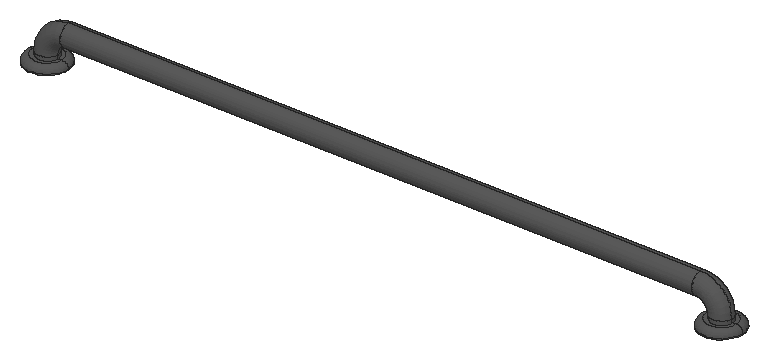
Revit family "Grab_Bar-Gamco-150C.MBLK_Series", category Specialty Equipment, host Face, Revit 2019
Family settings
  Host = Face
  Round Connector Dimension = Use Diameter
  Part Type = Normal
  OmniClass Number = 23.40.20.21.47
  OmniClass Title = Bath Grab Bars
  Cut with Voids When Loaded = No
  Shared = Yes
  Room Calculation Point = No
Parameters (values of type "150Cx48.MBLK")
  Warranty Documentation Link = "https://www.bobrick.com/wp-content/uploads/product_warranties-6.pdf"
  Wall to Grab Bar Gap = 1 1/2"
  Wall Clearance = 1 1/2"  # constant formula
  URL = "https://www.bobrick.com/"
  Type Comments = ""
  Tubing Material = Stainless Steel-Bobrick-Matte Black
  Tube Diameter = 1 1/2"  # constant formula
  R2 = 2 1/4"  # constant formula
  R1 = 3/4"  # constant formula
  Product Page URL = "https://www.bobrick.com/products/washroom-accessories/washroom-accessories-catalog/product/150c-mblk/"
  Product Documentation Link = "https://www.bobrick.com/wp-content/uploads/150C.MBLK_td.pdf"
  Mounting Plate Material = Metal-Bobrick-Stainless Steel
  Mounting Height Constraint = if(ADA Compliant, if(Mounting Height < 33", 33", if(Mounting Height > 36", 36", Mounting Height)), Mounting Height)  # 33"
  Mounting Height = 33"
  Model = "150Cx48.MBLK"
  Material = "Stainless Steel-Bobrick-Matte Black"  # constant formula
  Manufacturer = "Bobrick"  # constant formula
  Length = 48"
  L1 = 1/8"
  Installation Type = "Wall Mounted"  # constant formula
  Flange Thickness = 1/2"  # constant formula
  Flange Diameter = 3"  # constant formula
  Description = "Straight Grab Bar with Concealed Flange, Matte Black"  # constant formula
  Default Elevation = 0"
  Creation Date = "04/10/2023"  # constant formula
  Concealed Flange Material = Metal-Bobrick-Stainless Steel
  Assembly Code = "C1030200"
  ADA Compliant = yes
  -C for concealed flange = yes
Types (6): name | Model | Length
  (no name) | "150Cx48.MBLK" | 48"
  150Cx24.MBLK | "150Cx24.MBLK" | 24"
  150Cx36.MBLK | "150Cx36.MBLK" | 36"
  150Cx42.MBLK | "150Cx42.MBLK" | 42"
  150Cx48.MBLK | "150Cx48.MBLK" | 48"
  150Cx18.MBLK | "150Cx18.MBLK" | 18"
Reference planes (in)
  plane 1 "Center (Front/Back)": y = 0
  plane 2: z = 0
  plane 3 "Center (Left/Right)": x = 0
  plane 4: x = 24
  plane 5: x = -24
  plane 6: x = 25.5
  plane 7: x = 22.5
  plane 8: z = 2.25
  plane 9: y = -32.25
  plane 10: x = -22.5
  plane 11: x = -25.5
  plane 12: z = 0.5
  plane 13: x = 24.75
  plane 14: x = 23.25
  plane 15: x = -24.75
  plane 16: x = -23.25
  plane 17: y = 1.0625
  plane 18: y = -1.0625
  plane 19: z = 1.5
  plane 20: z = 3
  plane 21: y = 0.75
Forms (in)
  Revolve 1, solid, material "Stainless Steel-Bobrick-Matte Black" <- "Tubing Material"
    sketch origin (34.6172, 0, 0) x (1, 0, 0) y (0, 0, -1)
      loop
        line (-10.6172, 0) -> (-10.6172, -0.5) -> (-9.56095, -0.5)
        arc (-9.56095, -0.5) -> (-9.24717, -0.37003) -> (-9.1172, -0.05625) r 0.44375
        line (-9.1172, -0.05625) -> (-9.1172, 0) -> (-10.6172, 0)
      axis (-10.6172, -0.5) -> (-10.6172, 0)
    angle from 0 to 360
  Sweep 2, solid, material "Stainless Steel-Bobrick-Matte Black" <- "Tubing Material"
    path origin (34.6172, 0, 0) x (1, 0, 0) y (0, 0, -1)
      loop
        line (-10.6172, 0) -> (-10.6172, -0.75)
        arc (-10.6172, -0.75) -> (-11.05654, -1.81066) -> (-12.1172, -2.25) r 1.5
        line (-12.1172, -2.25) -> (-57.1172, -2.25)
        arc (-57.1172, -2.25) -> (-58.17786, -1.81066) -> (-58.6172, -0.75) r 1.5
        line (-58.6172, -0.75) -> (-58.6172, 0)
    profile origin (24, 0, 0.375) x (1, 0, 0) y (0, 1, 0)
      loop
        circle (0, 0) r 0.75
  Revolve 3, solid, material "Stainless Steel-Bobrick-Matte Black" <- "Tubing Material"
    sketch origin (22.6172, 0, 0) x (1, 0, 0) y (0, 0, -1)
      loop
        line (-46.6172, 0) -> (-46.6172, -0.5) -> (-45.56095, -0.5)
        arc (-45.56095, -0.5) -> (-45.24717, -0.37003) -> (-45.1172, -0.05625) r 0.44375
        line (-45.1172, -0.05625) -> (-45.1172, 0) -> (-46.6172, 0)
      axis (-46.6172, -0.5) -> (-46.6172, 0)
    angle from 0 to 360
Lines and regions (in)
  Masking region 1
    outline origin (7.5, 0, 0.22973) x (0, 0, 1) y (1, 0, 0)
      loop
        line (-0.22973, 18) -> (-0.22973, 15) -> (-0.17505, 15)
        arc (-0.17505, 15) -> (0.13984, 15.13043) -> (0.27027, 15.44531) r 0.44531
        line (0.27027, 15.44531) -> (0.27027, 15.75) -> (0.52027, 15.75)
        arc (0.52027, 15.75) -> (1.0506, 15.53033) -> (1.27027, 15) r 0.75
        line (1.27027, 15) -> (1.27027, -30)
        arc (1.27027, -30) -> (1.0506, -30.53033) -> (0.52027, -30.75) r 0.75
        line (0.52027, -30.75) -> (0.27027, -30.75) -> (0.27027, -30.44531)
        arc (0.27027, -30.44531) -> (0.13984, -30.13043) -> (-0.17505, -30) r 0.44531
        line (-0.17505, -30) -> (-0.22973, -30) -> (-0.22973, -33) -> (-0.17391, -33)
        arc (-0.17391, -33) -> (0.14017, -32.8699) -> (0.27027, -32.55582) r 0.44418
        line (0.27027, -32.55582) -> (0.27027, -32.25) -> (0.52027, -32.25)
        arc (0.52027, -32.25) -> (2.11126, -31.59099) -> (2.77027, -30) r 2.25
        line (2.77027, -30) -> (2.77027, 15)
        arc (2.77027, 15) -> (2.11126, 16.59099) -> (0.52027, 17.25) r 2.25
        line (0.52027, 17.25) -> (0.27027, 17.25) -> (0.27027, 17.55469)
        arc (0.27027, 17.55469) -> (0.13984, 17.86957) -> (-0.17505, 18) r 0.44531
        line (-0.17505, 18) -> (-0.22973, 18)
  symbolic lines, detail levels medium+fine
    curve 1: line (-23.25, 0, 0.5) -> (-24.75, 0, 0.5)
  symbolic lines, detail levels fine
    curve 2: line (22.94531, 0, 0.5) -> (24.75, 0, 0.5)
Dimensions and locks (in)
  equal spacing: plane 5, plane 3 "Center (Left/Right)", plane 4
  "Length": plane 5 to plane 4
  equal spacing: plane 7, plane 4, plane 6
  "Flange Diameter": plane 7 to plane 6
  equal spacing: plane 11, plane 5, plane 10
  "Flange Diameter": plane 11 to plane 10
  "Flange Thickness": level to plane 12
  equal spacing: plane 13, plane 4, plane 14
  equal spacing: plane 16, plane 5, plane 15
  "Tube Diameter": plane 13 to plane 14
  "Tube Diameter": plane 16 to plane 15
  plane 18 to plane 1 "Center (Front/Back)" to plane 17 = 1 1/16" locked, 1 1/16" locked
  "Wall to Grab Bar Gap": host face to plane 19
  locked: plane 19 to plane 20 at 1.5
  equal spacing: plane 19, plane 8, plane 20
  locked: plane 1 "Center (Front/Back)" to plane 21 at 0.75
  "Mounting Height Constraint": plane 21 to plane 9
  "Tube Diameter": diameter of Sweep 2 sketch curve
  "R1": radius of Masking region 1 sketch curve  (x2)
  "R2": radius of Masking region 1 sketch curve  (x2)
  aligned and locked: plane 2 to host face
  aligned and locked: level to host face
  aligned and locked: Revolve 1 sketch curve to plane 4  (x2)
  aligned and locked: plane 5 to Sweep 2 sketch curve
  aligned and locked: Sweep 2 sketch curve to plane 8
  aligned and locked: plane 4 to Sweep 2 sketch curve
  aligned and locked: plane 6 to Revolve 1 sketch curve
  aligned and locked: host face to Revolve 1 sketch curve
  aligned and locked: plane 10 to Revolve 3 sketch curve
  aligned and locked: host face to Revolve 3 sketch curve
  aligned and locked: plane 5 to Revolve 3 sketch curve  (x2)
  aligned and locked: plane 12 to Revolve 3 sketch curve
  aligned and locked: Masking region 1 sketch curve to plane 13
  aligned and locked: Masking region 1 sketch curve to plane 14
  aligned and locked: Masking region 1 sketch curve to plane 16
  aligned and locked: Masking region 1 sketch curve to plane 15
  aligned and locked: plane 11 to Masking region 1 sketch curve
  aligned and locked: plane 12 to Masking region 1 sketch curve  (x2)
  aligned and locked: host face to Masking region 1 sketch curve
  aligned and locked: plane 10 to Masking region 1 sketch curve
  aligned and locked: Masking region 1 sketch curve to plane 12  (x2)
  aligned and locked: plane 7 to Masking region 1 sketch curve
  aligned and locked: plane 6 to Masking region 1 sketch curve
  aligned and locked: Masking region 1 sketch curve to host face
  aligned and locked: curve 1 to Masking region 1
  aligned and locked: Masking region 1 sketch curve to plane 20
  aligned and locked: Masking region 1 sketch curve to plane 19
  aligned and locked: Revolve 1 sketch curve to plane 12
  aligned and locked: curve 2 to Masking region 1
Automatic sketch dimensions
  host sketch curve to host sketch curve = 96"  (x2)
  plane 10 to Sweep 2 sketch curve = 0"
  Sweep 2 sketch curve to plane 7 = 0"
  Sweep 2 sketch curve to level = 0"  (x2)
  level to Revolve 3 sketch curve = 0.05625"
  plane 20 to Revolve 3 sketch curve = 1 3/8"
  Revolve 3 sketch curve to level = 5 1/2"
  level to Revolve 1 sketch curve = 0.05625"
  plane 20 to Revolve 1 sketch curve = 1 3/8"
  Revolve 1 sketch curve to Revolve 1 sketch curve = 5 1/2"
  plane 15 to curve 1 = 0"
  curve 1 to plane 16 = 0"
  curve 2 to plane 13 = 0"
  plane 14 to curve 2 = 39/128"
  Sweep 2 sketch curve to profile plane = 0"  (x2)
  level to Masking region 1 sketch curve = 7/128"  (x3)
  level to Masking region 1 sketch curve = 0.05582"
